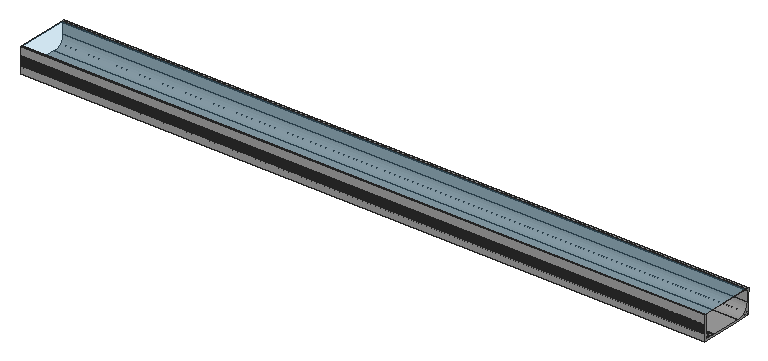
Revit family "PE1008B", category Luminarias, Revit 2019
Family settings
  Cota de conector redondo = Diámetro de uso
  Tipo de pieza = Normal
  Se basa en plano de trabajo = Sí
  Siempre vertical = No
  Corte con vacíos al cargar = No
  Origen de luz = No
  Compartido = Sí
  Punto de cálculo de habitación = No
Parameters (values of type "PERFIL_PS1008B")
  Tapa Final 1008B.1 = 1
  Keynote = ""
  Modelo = "PS1008B"
  Lamp = ""
  Longitud = 1000 mm
  Fabricante = "BRILLANT"
  Default Elevation = 1219.2 mm
  Descripción = "PERFIL DE ALUMINIO EN FORMA DE “C” CON DIFUSOR LECHOSO, PARA ALOJAR DOS TIRAS LUMINOSAS O TABLETAS, PERFIL DE COLOCACION DE 41MM DE ANCHO. INSTALACION SOBRE SUPERFICIES, CUENTA CON PIEZAS DE SUJECION, PERFIL PARA EMPOTRAR. IDEAL PARA ATENUAR EL BRILLO E INCORPORAR LA LUZ AL AMBIENTE.PRESENTACION DESDE 0.5 - 3 METROS, REQUEIRE ACCESORIOS COMO TAPA FINAL (CONSIDERAR 1 PAR DE PZAS POR SEGMENTO DE PERFIL) Y CLIPS DE SUJECION (CONSIDERAR 4PZAS POR SEGMENTO DE PERFIL)."
  Wattage Comments = ""
  Clips de Sujecion 1008B.2 = (Longitud / 1000 mm) * (4)  # 4
Reference planes
  plane 1 "Centro (Frontal/Posterior)": y = 0
  plane 2: z = 0
  plane 3 "Centro (Izquierda/Derecha)": x = 0
  plane 4: x = -1000
Forms (mm)
  Extrusion 1, solid, material "Aluminio"
    sketch origin (37.527, 0, 32.853) x (0, 0, 1) y (0, -1, 0)
      loop
        line (2.147, -38.085) -> (0.294, -38.085) -> (-0.82, -39.2) -> (-1.952, -39.2) -> (-1.152, -38.4) -> (-15.353, -38.4)
        arc (-15.353, -38.4) -> (-26.596, -33.743) -> (-31.253, -22.5) r 15.9
        line (-31.253, -22.5) -> (-31.253, -20.6) -> (-30.453, -20.6) -> (-30.453, 20.6) -> (-31.253, 20.6) -> (-31.253, 22.5)
        arc (-31.253, 22.5) -> (-26.596, 33.743) -> (-15.353, 38.4) r 15.9
        line (-15.353, 38.4) -> (-1.152, 38.4) -> (-1.952, 39.2) -> (-0.82, 39.2) -> (0.294, 38.085) -> (2.147, 38.085) -> (2.147, 40) -> (-10.296, 40) -> (-10.862, 39.434) -> (-11.428, 40) -> (-12.228, 40) -> (-12.794, 39.434) -> (-13.359, 40) -> (-14.159, 40) -> (-14.725, 39.434) -> (-15.291, 40) -> (-16.091, 40) -> (-16.656, 39.434) -> (-17.222, 40) -> (-18.022, 40) -> (-18.588, 39.434) -> (-19.153, 40) -> (-19.953, 40) -> (-20.519, 39.434) -> (-21.085, 40) -> (-21.885, 40) -> (-22.45, 39.434) -> (-23.016, 40) -> (-32.853, 40) -> (-32.853, -22.5) -> (-32.853, -40) -> (-23.016, -40) -> (-22.45, -39.434) -> (-21.885, -40) -> (-21.085, -40) -> (-20.519, -39.434) -> (-19.953, -40) -> (-19.153, -40) -> (-18.588, -39.434) -> (-18.022, -40) -> (-17.222, -40) -> (-16.656, -39.434) -> (-16.091, -40) -> (-15.291, -40) -> (-14.725, -39.434) -> (-14.159, -40) -> (-13.359, -40) -> (-12.794, -39.434) -> (-12.228, -40) -> (-11.428, -40) -> (-10.862, -39.434) -> (-10.296, -40) -> (2.147, -40) -> (2.147, -38.085)
      loop
        arc (-22.663, -38.4) -> (-27.727, -34.874) -> (-31.253, -29.81) r 17.5
        line (-31.253, -29.81) -> (-31.253, -36.144)
        arc (-31.253, -36.144) -> (-30.579, -36.248) -> (-29.966, -36.548) r 2.256
        line (-29.966, -36.548) -> (-31.536, -38.117) -> (-30.97, -38.683) -> (-29.401, -37.113)
        arc (-29.401, -37.113) -> (-29.101, -37.726) -> (-28.998, -38.4) r 2.256
        line (-28.998, -38.4) -> (-22.663, -38.4)
      loop
        line (-22.663, 38.4) -> (-28.998, 38.4)
        arc (-28.998, 38.4) -> (-29.101, 37.726) -> (-29.401, 37.113) r 2.256
        line (-29.401, 37.113) -> (-30.97, 38.683) -> (-31.536, 38.117) -> (-29.966, 36.548)
        arc (-29.966, 36.548) -> (-30.579, 36.248) -> (-31.253, 36.144) r 2.256
        line (-31.253, 36.144) -> (-31.253, 29.81)
        arc (-31.253, 29.81) -> (-27.727, 34.874) -> (-22.663, 38.4) r 17.5
    from -1037.527 to -37.527
  Extrusion 2, solid, material "Difusor Lechoso"
    sketch origin (22.394, 0, 30.619) x (0, 0, 1) y (0, -1, 0)
      loop
        line (4.381, -38.085) -> (4.381, 38.085) -> (2.528, 38.085) -> (1.413, 39.2) -> (0.282, 39.2) -> (2.196, 37.285) -> (3.581, 37.285) -> (3.581, -37.285) -> (2.196, -37.285) -> (0.282, -39.2) -> (1.413, -39.2) -> (2.528, -38.085) -> (4.381, -38.085)
    from -1022.394 to -22.394
Dimensions and locks
  "Longitud": plane 3 "Centro (Izquierda/Derecha)" to plane 4
  "Longitud": plane 4 to plane 3 "Centro (Izquierda/Derecha)"
  Extrusion 2 to Extrusion 1 = 35 mm
  Extrusion 1 to Extrusion 1 = 41.2 mm
  Extrusion 1 to Extrusion 1 = 80 mm
  aligned and locked: level to plane 2
  aligned and locked: plane 4 to Extrusion 1
  aligned and locked: plane 3 "Centro (Izquierda/Derecha)" to Extrusion 1
  aligned and locked: plane 4 to Extrusion 2
  aligned and locked: plane 3 "Centro (Izquierda/Derecha)" to Extrusion 2
Automatic sketch dimensions
  level to Extrusion 2 sketch curve = 30.901 mm  (x2)
  Extrusion 2 sketch curve to Extrusion 2 sketch curve = 1.131 mm  (x2)
  Extrusion 2 sketch curve to Extrusion 2 sketch curve = 0.783 mm  (x2)
  Extrusion 2 sketch curve to Extrusion 2 sketch curve = 0.331 mm  (x2)
  Extrusion 2 sketch curve to Extrusion 2 sketch curve = 1.053 mm
  Extrusion 2 sketch curve to Extrusion 2 sketch curve = 0.8 mm  (x3)
  Extrusion 2 sketch curve to plane 1 "Centro (Frontal/Posterior)" = 39.2 mm
  Extrusion 2 sketch curve to Extrusion 2 sketch curve = 1.115 mm  (x2)
  plane 1 "Centro (Frontal/Posterior)" to Extrusion 2 sketch curve = 37.285 mm
  Extrusion 1 sketch curve to Extrusion 1 sketch curve = 0 mm  (x18)
  Extrusion 1 sketch curve to level = 0 mm
  level to Extrusion 1 sketch curve = 1.317 mm  (x2)
  Extrusion 1 sketch curve to Extrusion 1 sketch curve = 0.283 mm  (x4)
  level to Extrusion 1 sketch curve = 1.6 mm  (x2)
  Extrusion 1 sketch curve to Extrusion 1 sketch curve = 0.8 mm  (x17)
  Extrusion 1 sketch curve to Extrusion 1 sketch curve = 1.287 mm  (x2)
  Extrusion 1 sketch curve to Extrusion 1 sketch curve = 0.566 mm  (x31)
  Extrusion 1 sketch curve to Extrusion 1 sketch curve = 0.403 mm  (x2)
  Extrusion 1 sketch curve to Extrusion 1 sketch curve = 5.981 mm  (x2)
  Extrusion 1 sketch curve to Extrusion 1 sketch curve = 0.353 mm  (x2)
  Extrusion 1 sketch curve to Extrusion 1 sketch curve = 15.1 mm
  Extrusion 1 sketch curve to Extrusion 1 sketch curve = 1.303 mm
  Extrusion 1 sketch curve to Extrusion 1 sketch curve = 8.345 mm  (x2)
  Extrusion 1 sketch curve to Extrusion 1 sketch curve = 0.331 mm  (x2)
  Extrusion 1 sketch curve to Extrusion 1 sketch curve = 1.446 mm  (x2)
  Extrusion 1 sketch curve to Extrusion 1 sketch curve = 1.853 mm  (x2)
  Extrusion 1 sketch curve to plane 1 "Centro (Frontal/Posterior)" = 40 mm
  Extrusion 1 sketch curve to Extrusion 1 sketch curve = 1.317 mm
  Extrusion 1 sketch curve to Extrusion 1 sketch curve = 1.034 mm  (x7)
  Extrusion 1 sketch curve to Extrusion 1 sketch curve = 0.315 mm  (x2)
  Extrusion 1 sketch curve to Extrusion 1 sketch curve = 1.9 mm  (x2)
  plane 1 "Centro (Frontal/Posterior)" to Extrusion 1 sketch curve = 20.6 mm
  Extrusion 1 sketch curve to Extrusion 1 sketch curve = 7.31 mm
  Extrusion 1 sketch curve to Extrusion 1 sketch curve = 0.969 mm
